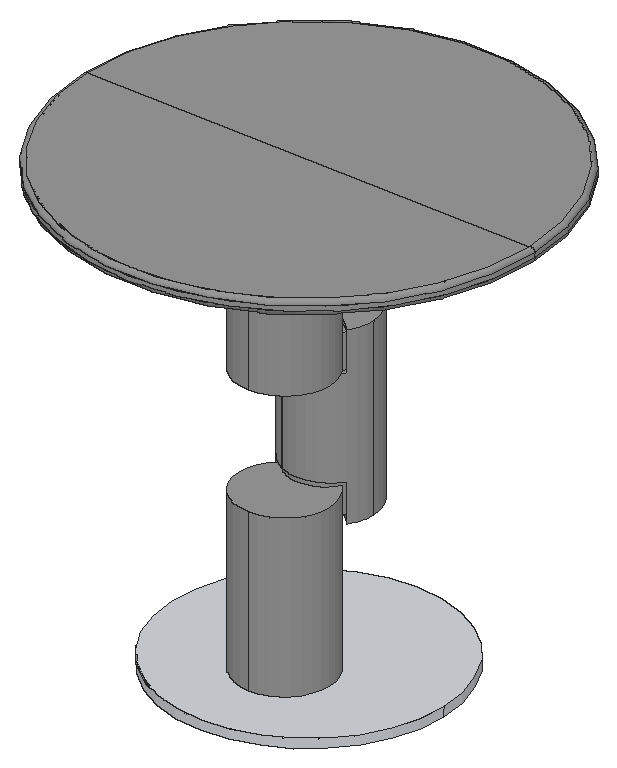
Revit family "MESA DE ENCAIXE Ø50", category Modelos genéricos, Revit 2021
Family settings
  Pode hospedar o vergalhão = Não
  Cota do conector redondo = Utilizar diâmetro
  Tipo de parte = Normal
  Com base no plano de trabalho = Não
  Sempre na vertical = Sim
  Corte com vazios quando carregada = Não
  Compartilhado = Não
  Ponto de cálculo do ambiente = Não
Parameters
  Elevação padrão = 0 m
Reference planes (m)
  plane 1 "Centro (Frente/Trás)": y = 0
  plane 2: z = 0
  plane 3 "Centro (Esquerda/Direita)": x = 0
Forms (m)
  Revolve 1, solid, not visible
    sketch origin (0, 0, 0) x (0, 1, 0) y (0, 0, 1)
      loop
        arc (-0.3, 0) -> (-0.285858, 0.005858) -> (-0.28, 0.02) r 0.02
        line (-0.28, 0.02) -> (-0.28, 0.74)
        arc (-0.28, 0.74) -> (-0.285858, 0.754142) -> (-0.3, 0.76) r 0.02
        line (-0.3, 0.76) -> (-0.3, 0)
      axis (-0.3, 0.76) -> (-0.3, 0)
    angle from 0 to 360
  Extrusion 2, void, not visible
    sketch origin (0, 0, 0) x (0, 1, 0) y (0, 0, 1)
      loop
        arc (-0.3, 0.434641) -> (-0.297457, 0.415322) -> (-0.29, 0.397321) r 0.074641
        line (-0.29, 0.397321) -> (-0.28, 0.38) -> (-0.28, 0.74)
        arc (-0.28, 0.74) -> (-0.285858, 0.754142) -> (-0.3, 0.76) r 0.02
        line (-0.3, 0.76) -> (-0.3, 0.434641)
    from -0.047269 to 0.058165
  Revolve 3, solid, not visible
    sketch origin (-1.53883, -0.911851, 2.36) x (0, -1, 0) y (1, 0, 0)
      loop
        line (-0.22, 0.64383) -> (-0.205, 0.64383)
        arc (-0.205, 0.64383) -> (-0.194393, 0.648223) -> (-0.19, 0.65883) r 0.015
        line (-0.19, 0.65883) -> (-0.19, 2.41883)
        arc (-0.19, 2.41883) -> (-0.194393, 2.429436) -> (-0.205, 2.43383) r 0.015
        line (-0.205, 2.43383) -> (-0.22, 2.43383) -> (-0.22, 0.64383)
      axis (-0.22, 2.43383) -> (-0.22, 0.64383)
    angle from 0 to 360
  Extrusion 4, void, not visible
    sketch origin (-1.53883, -0.911851, 2.36) x (0, -1, 0) y (1, 0, 0)
      loop
        arc (-0.22, 1.193471) -> (-0.217457, 1.174152) -> (-0.21, 1.15615) r 0.074641
        line (-0.21, 1.15615) -> (-0.19, 1.121509) -> (-0.19, 1.509186) -> (-0.19, 1.95615) -> (-0.21, 1.921509)
        arc (-0.21, 1.921509) -> (-0.217457, 1.903507) -> (-0.22, 1.884189) r 0.074641
        line (-0.22, 1.884189) -> (-0.22, 1.591688) -> (-0.22, 1.193471)
    from -0.060166 to 0.058019
  Revolve 5, solid, not visible
    sketch origin (-1.490513, -0.987878, 0.501067) x (0, 0, -1) y (0, 1, 0)
      loop
        arc (-0.22, 0.077878) -> (-0.205858, 0.083736) -> (-0.2, 0.097878) r 0.02
        line (-0.2, 0.097878) -> (-0.2, 1.877878)
        arc (-0.2, 1.877878) -> (-0.205858, 1.89202) -> (-0.22, 1.897878) r 0.02
        line (-0.22, 1.897878) -> (-0.22, 0.077878)
      axis (-0.22, 1.897878) -> (-0.22, 0.077878)
    angle from 0 to 360
  Extrusion 6, void, not visible
    sketch origin (-1.490513, 0.422878, 0.501067) x (0, 0, -1) y (0, 1, 0)
      loop
        line (-0.22, 0.020632) -> (-0.22, -0.866388)
        arc (-0.22, -0.866388) -> (-0.217457, -0.885707) -> (-0.21, -0.903709) r 0.074641
        line (-0.21, -0.903709) -> (-0.198933, -0.922878) -> (-0.198933, 0.077122) -> (-0.21, 0.057952)
        arc (-0.21, 0.057952) -> (-0.217457, 0.039951) -> (-0.22, 0.020632) r 0.074641
    from -0.02 to 0.02
  Revolve 7, solid, not visible
    sketch origin (0.868782, 0.768222, 0.76) x (1, 0, 0) y (0, 0, -1)
      loop
        line (-1.603702, 0) -> (-1.603702, 0.757321)
        arc (-1.603702, 0.757321) -> (-1.623702, 0.757321) -> (-1.633702, 0.74) r 0.02
        line (-1.633702, 0.74) -> (-1.633702, 0.02)
        arc (-1.633702, 0.02) -> (-1.627844, 0.005858) -> (-1.613702, 0) r 0.02
        line (-1.613702, 0) -> (-1.603702, 0)
      axis (-1.603702, 0.757321) -> (-1.603702, 0)
    angle from 0 to 360
  Extrusion 8, void, not visible
    sketch origin (0.888782, 0.768222, 0.76) x (1, 0, 0) y (0, 0, -1)
      loop
        line (-1.623702, 0.434641) -> (-1.623702, 0.785209)
        arc (-1.623702, 0.785209) -> (-1.646125, 0.79309) -> (-1.660248, 0.773973) r 0.02
        line (-1.660248, 0.773973) -> (-1.660248, 0.351342) -> (-1.633702, 0.397321)
        arc (-1.633702, 0.397321) -> (-1.626245, 0.415322) -> (-1.623702, 0.434641) r 0.074641
    from -0.032233 to 0.035
  Revolve 9, solid, not visible
    sketch origin (2.017269, -0.735249, 0.271697) x (0.961262, 0, 0.275637) y (-0.275637, 0, 0.961262)
      loop
        line (-1.098872, 0.678565) -> (-1.275192, 0.063663)
        arc (-1.275192, 0.063663) -> (-1.259983, 0.065396) -> (-1.250454, 0.077376) r 0.02
        line (-1.250454, 0.077376) -> (-1.085159, 0.653827)
        arc (-1.085159, 0.653827) -> (-1.086892, 0.669036) -> (-1.098872, 0.678565) r 0.02
      axis (-1.275192, 0.063663) -> (-1.098872, 0.678565)
    angle from 0 to 360
  Revolve 10, solid, not visible
    sketch origin (0.862472, 0.755646, 0.76) x (1, 0, 0) y (0, 0, -1)
      loop
        line (-1.603702, 0) -> (-1.603702, 0.757321)
        arc (-1.603702, 0.757321) -> (-1.623702, 0.757321) -> (-1.633702, 0.74) r 0.02
        line (-1.633702, 0.74) -> (-1.633702, 0.02)
        arc (-1.633702, 0.02) -> (-1.627844, 0.005858) -> (-1.613702, 0) r 0.02
        line (-1.613702, 0) -> (-1.603702, 0)
      axis (-1.603702, 0.757321) -> (-1.603702, 0)
    angle from 0 to 360
  Extrusion 11, void, not visible
    sketch origin (0.882472, 0.755646, 0.76) x (1, 0, 0) y (0, 0, -1)
      loop
        line (-1.623702, 0.434641) -> (-1.623702, 0.785209)
        arc (-1.623702, 0.785209) -> (-1.646125, 0.79309) -> (-1.660248, 0.773973) r 0.02
        line (-1.660248, 0.773973) -> (-1.660248, 0.351342) -> (-1.633702, 0.397321)
        arc (-1.633702, 0.397321) -> (-1.626245, 0.415322) -> (-1.623702, 0.434641) r 0.074641
    from -0.032233 to 0.035
  Revolve 12, solid, not visible
    sketch origin (0.862472, 0.780797, 0.76) x (1, 0, 0) y (0, 0, -1)
      loop
        line (-1.603702, 0) -> (-1.603702, 0.757321)
        arc (-1.603702, 0.757321) -> (-1.623702, 0.757321) -> (-1.633702, 0.74) r 0.02
        line (-1.633702, 0.74) -> (-1.633702, 0.02)
        arc (-1.633702, 0.02) -> (-1.627844, 0.005858) -> (-1.613702, 0) r 0.02
        line (-1.613702, 0) -> (-1.603702, 0)
      axis (-1.603702, 0.757321) -> (-1.603702, 0)
    angle from 0 to 360
  Extrusion 13, void, not visible
    sketch origin (0.882472, 0.780797, 0.76) x (1, 0, 0) y (0, 0, -1)
      loop
        line (-1.623702, 0.434641) -> (-1.623702, 0.785209)
        arc (-1.623702, 0.785209) -> (-1.646125, 0.79309) -> (-1.660248, 0.773973) r 0.02
        line (-1.660248, 0.773973) -> (-1.660248, 0.351342) -> (-1.633702, 0.397321)
        arc (-1.633702, 0.397321) -> (-1.626245, 0.415322) -> (-1.623702, 0.434641) r 0.074641
    from -0.032233 to 0.035
  Revolve 14, solid, not visible
    sketch origin (-0.862472, -0.755646, 0.76) x (-1, 0, 0) y (0, 0, -1)
      loop
        line (-1.603702, 0) -> (-1.603702, 0.757321)
        arc (-1.603702, 0.757321) -> (-1.623702, 0.757321) -> (-1.633702, 0.74) r 0.02
        line (-1.633702, 0.74) -> (-1.633702, 0.02)
        arc (-1.633702, 0.02) -> (-1.627844, 0.005858) -> (-1.613702, 0) r 0.02
        line (-1.613702, 0) -> (-1.603702, 0)
      axis (-1.603702, 0.757321) -> (-1.603702, 0)
    angle from 0 to 360
  Extrusion 15, void, not visible
    sketch origin (-0.882472, -0.755646, 0.76) x (-1, 0, 0) y (0, 0, -1)
      loop
        line (-1.623702, 0.434641) -> (-1.623702, 0.785209)
        arc (-1.623702, 0.785209) -> (-1.646125, 0.79309) -> (-1.660248, 0.773973) r 0.02
        line (-1.660248, 0.773973) -> (-1.660248, 0.351342) -> (-1.633702, 0.397321)
        arc (-1.633702, 0.397321) -> (-1.626245, 0.415322) -> (-1.623702, 0.434641) r 0.074641
    from -0.032233 to 0.035
  Revolve 16, solid, not visible
    sketch origin (0.967318, 0.862331, 0.76) x (1, 0, 0) y (0, 0, -1)
      loop
        line (-1.603702, 0) -> (-1.603702, 0.757321)
        arc (-1.603702, 0.757321) -> (-1.623702, 0.757321) -> (-1.633702, 0.74) r 0.02
        line (-1.633702, 0.74) -> (-1.633702, 0.02)
        arc (-1.633702, 0.02) -> (-1.627844, 0.005858) -> (-1.613702, 0) r 0.02
        line (-1.613702, 0) -> (-1.603702, 0)
      axis (-1.603702, 0.757321) -> (-1.603702, 0)
    angle from 0 to 360
  Extrusion 17, void, not visible
    sketch origin (0.987318, 0.862331, 0.76) x (1, 0, 0) y (0, 0, -1)
      loop
        line (-1.623702, 0.434641) -> (-1.623702, 0.785209)
        arc (-1.623702, 0.785209) -> (-1.646125, 0.79309) -> (-1.660248, 0.773973) r 0.02
        line (-1.660248, 0.773973) -> (-1.660248, 0.351342) -> (-1.633702, 0.397321)
        arc (-1.633702, 0.397321) -> (-1.626245, 0.415322) -> (-1.623702, 0.434641) r 0.074641
    from -0.032233 to 0.035
  Revolve 18, solid, not visible
    sketch origin (0.223708, 0.435419, -0.974073) x (0, 0, -1) y (0, -1, 0)
      loop
        arc (-1.603702, 0.679829) -> (-1.62138, 0.672507) -> (-1.628702, 0.654829) r 0.025
        line (-1.628702, 0.654829) -> (-1.628702, 0.164833)
        arc (-1.628702, 0.164833) -> (-1.62138, 0.147155) -> (-1.603702, 0.139833) r 0.025
        line (-1.603702, 0.139833) -> (-1.603702, 0.679829)
      axis (-1.603702, 0.139833) -> (-1.603702, 0.679829)
    angle from 0 to 360
  Extrusion 19, void, not visible
    sketch origin (-1.286292, 0.274143, -1.004065) x (0, 0, -1) y (0, -1, 0)
      loop
        arc (-1.634431, 0.659977) -> (-1.636974, 0.679295) -> (-1.644431, 0.697297) r 0.074641
        line (-1.644431, 0.697297) -> (-1.660248, 0.724693) -> (-1.660248, 0.278557) -> (-1.644431, 0.305952)
        arc (-1.644431, 0.305952) -> (-1.636974, 0.323954) -> (-1.634431, 0.343273) r 0.074641
        line (-1.634431, 0.343273) -> (-1.634431, 0.659977)
    from -0.032233 to 0.035
  Revolve 20, solid, not visible
    sketch origin (-0.444833, 1.849925, 0.678358) x (1, 0, 0) y (0, 1, 0)
      loop
        line (0.139833, -1.603702) -> (0.139833, -1.613702)
        arc (0.139833, -1.613702) -> (0.14569, -1.627844) -> (0.159833, -1.633702) r 0.02
        line (0.159833, -1.633702) -> (0.729514, -1.633702)
        arc (0.729514, -1.633702) -> (0.743656, -1.627844) -> (0.749514, -1.613702) r 0.02
        line (0.749514, -1.613702) -> (0.749514, -1.603702) -> (0.139833, -1.603702)
      axis (0.139833, -1.603702) -> (0.749514, -1.603702)
    angle from 0 to 360
  Extrusion 21, void, not visible
    sketch origin (-0.333557, 1.869925, -0.841292) x (1, 0, 0) y (0, 1, 0)
      loop
        line (0.455258, -1.623702) -> (0.211855, -1.623702)
        arc (0.211855, -1.623702) -> (0.192537, -1.626245) -> (0.174535, -1.633702) r 0.074641
        line (0.174535, -1.633702) -> (0.128557, -1.660248) -> (0.538557, -1.660248) -> (0.492578, -1.633702)
        arc (0.492578, -1.633702) -> (0.474576, -1.626245) -> (0.455258, -1.623702) r 0.074641
    from -0.093062 to 0.055153
  Extrusion 22, solid, not visible
    sketch origin (0, 0, 0) x (0, 1, 0) y (0, 0, 1)
      loop
        line (0.275, 0) -> (0.295027, 0) -> (0.262218, 0.626047) -> (0.24219, 0.626047) -> (0.275, 0)
      loop
        line (-0.201916, 0.596047) -> (-0.307015, 0) -> (-0.276553, 0) -> (-0.171454, 0.596047) -> (-0.201916, 0.596047)
    from 0 to 0.03
  Extrusion 23, solid, not visible
    sketch origin (0, 0, 0) x (0, 1, 0) y (0, 0, 1)
      loop
        line (0.24219, 0.626047) -> (0.136194, 0.626047) -> (0.124958, 0.61) -> (-0.204754, 0.61) -> (-0.21281, 0.596047) -> (0.243763, 0.596047) -> (0.24219, 0.626047)
      loop
        line (0.251941, 0.44) -> (-0.198969, 0.44) -> (-0.202495, 0.42) -> (0.252989, 0.42) -> (0.251941, 0.44)
    from 0 to 0.03
  Extrusion 24, solid
    sketch origin (0.848872, 0.260327, 0) x (0, 1, 0) y (-1, 0, 0)
      loop
        circle (-0.260327, 0.848872) r 0.15
    from 0 to 0.01
  Extrusion 25, solid, material ".freijo"
    sketch origin (0.848872, 0.226889, 0.01) x (0, 1, 0) y (-1, 0, 0)
      loop
        circle (-0.260315, 0.848872) r 0.05
    from 0 to 0.177
  Extrusion 26, solid, material ".freijo"
    sketch origin (0.845603, 1.061566, 0.533091) x (0, 1, 0) y (-1, 0, 0)
      loop
        circle (-1.031419, 0.845062) r 0.0475
    from -0.38163 to -0.189522
  Extrusion 27, void
    sketch origin (0.845603, 1.061566, 0.125586) x (-1, 0, 0) y (0, 1, 0)
      loop
        arc (0.884248, -1.058265) -> (0.845062, -1.038453) -> (0.805876, -1.058265) r 0.04866
        arc (0.805876, -1.058265) -> (0.845062, -1.078919) -> (0.884248, -1.058265) r 0.0475
    from -0.218 to -0.175259
  Extrusion 28, void
    sketch origin (0.845603, 1.061566, 0.15146) x (0, 1, 0) y (-1, 0, 0)
      loop
        arc (-1.058265, 0.884248) -> (-1.078919, 0.845062) -> (-1.058265, 0.805876) r 0.0475
        arc (-1.058265, 0.805876) -> (-1.038453, 0.845062) -> (-1.058265, 0.884248) r 0.04866
    from 0 to 0.041567
  Extrusion 29, solid, material ".freijo"
    sketch origin (0.845603, 1.061566, 0.533091) x (0, 1, 0) y (-1, 0, 0)
      loop
        circle (-1.039433, 0.845878) r 0.0375
    from -0.37563 to -0.195522
  Extrusion 30, solid, material ".freijo", not visible
    sketch origin (0.845603, 0.593754, 0.597505) x (0, 1, 0) y (-1, 0, 0)
      loop
        circle (-1.017916, 0.846312) r 0.056877
    from -0.419522 to -0.189522
  Extrusion 31, void, not visible
    sketch origin (0.845603, 0.593754, 0.19) x (-1, 0, 0) y (0, 1, 0)
      loop
        arc (0.892898, -1.050546) -> (0.846312, -1.026375) -> (0.799725, -1.050546) r 0.056981
        arc (0.799725, -1.050546) -> (0.846312, -1.074793) -> (0.892898, -1.050546) r 0.056877
    from -0.218 to -0.167983
  Extrusion 32, void, not visible
    sketch origin (0.845603, 0.593754, 0.177983) x (0, 1, 0) y (-1, 0, 0)
      loop
        arc (-1.050546, 0.892898) -> (-1.074793, 0.846312) -> (-1.050546, 0.799725) r 0.056877
        arc (-1.050546, 0.799725) -> (-1.026375, 0.846312) -> (-1.050546, 0.892898) r 0.056981
    from 0 to 0.050017
  Extrusion 33, solid, material ".freijo", not visible
    sketch origin (0.845603, 0.593754, 0.597505) x (0, 1, 0) y (-1, 0, 0)
      loop
        circle (-1.027505, 0.846523) r 0.045
    from -0.411522 to -0.197522
  Extrusion 34, void, not visible
    sketch origin (0.845603, 0.593754, 0.399983) x (-1, 0, 0) y (0, 1, 0)
      loop
        arc (0.883216, -1.053556) -> (0.846523, -1.034145) -> (0.80983, -1.053556) r 0.044387
        arc (0.80983, -1.053556) -> (0.846523, -1.072505) -> (0.883216, -1.053556) r 0.045
    from 0 to 0.0338
  Extrusion 35, void, not visible
    sketch origin (0.845603, 0.593754, 0.219983) x (-1, 0, 0) y (0, 1, 0)
      loop
        arc (0.883216, -1.053556) -> (0.846523, -1.034145) -> (0.80983, -1.053556) r 0.044387
        arc (0.80983, -1.053556) -> (0.846523, -1.072505) -> (0.883216, -1.053556) r 0.045
    from 0 to 0.0338
  Revolve 36, solid, material ".freijo", not visible
    sketch origin (-0.36, 0.000123, 0) x (-1, 0, 0) y (0, 0, -1)
      loop
        line (-0.36, -0.6) -> (-0.36, -0.585) -> (-0.6525, -0.585)
        arc (-0.6525, -0.585) -> (-0.66, -0.5925) -> (-0.6525, -0.6) r 0.0075
        line (-0.6525, -0.6) -> (-0.36, -0.6)
      axis (-0.36, -0.6) -> (-0.36, -0.585)
    angle from 0 to 360
  Extrusion 37, solid, not visible
    sketch origin (0.848872, 0.260327, 0) x (0, 1, 0) y (-1, 0, 0)
      loop
        circle (-0.260327, 0.848872) r 0.175
    from 0 to 0.01
  Extrusion 38, solid, material ".freijo", not visible
    sketch origin (0.848872, 0.260327, 0.01) x (0, 1, 0) y (-1, 0, 0)
      loop
        circle (-0.260315, 0.848872) r 0.06
    from 0 to 0.21
  Extrusion 39, solid, material ".freijo", not visible
    sketch origin (0.848872, 0.260327, 0.01) x (0, 1, 0) y (-1, 0, 0)
      loop
        circle (-0.260315, 0.848872) r 0.06
    from 0.356183 to 0.575
  Extrusion 40, solid, material ".freijo", not visible
    sketch origin (0.845603, 1.095004, 0.597505) x (0, 1, 0) y (-1, 0, 0)
      loop
        circle (-1.017916, 0.846312) r 0.056877
    from -0.419522 to -0.189522
  Extrusion 41, void, not visible
    sketch origin (0.845603, 1.095004, 0.19) x (-1, 0, 0) y (0, 1, 0)
      loop
        arc (0.892898, -1.050546) -> (0.846312, -1.026375) -> (0.799725, -1.050546) r 0.056981
        arc (0.799725, -1.050546) -> (0.846312, -1.074793) -> (0.892898, -1.050546) r 0.056877
    from -0.218 to -0.167983
  Extrusion 42, void, not visible
    sketch origin (0.845603, 1.095004, 0.177983) x (0, 1, 0) y (-1, 0, 0)
      loop
        arc (-1.050546, 0.892898) -> (-1.074793, 0.846312) -> (-1.050546, 0.799725) r 0.056877
        arc (-1.050546, 0.799725) -> (-1.026375, 0.846312) -> (-1.050546, 0.892898) r 0.056981
    from 0 to 0.050017
  Extrusion 43, solid, material ".freijo", not visible
    sketch origin (0.845603, 1.095004, 0.597505) x (0, 1, 0) y (-1, 0, 0)
      loop
        circle (-1.027505, 0.846523) r 0.045
    from -0.411522 to -0.197522
  Extrusion 44, void, not visible
    sketch origin (0.845603, 1.095004, 0.399983) x (-1, 0, 0) y (0, 1, 0)
      loop
        arc (0.883216, -1.053556) -> (0.846523, -1.034145) -> (0.80983, -1.053556) r 0.044387
        arc (0.80983, -1.053556) -> (0.846523, -1.072505) -> (0.883216, -1.053556) r 0.045
    from 0 to 0.0338
  Extrusion 45, void, not visible
    sketch origin (0.845603, 1.095004, 0.219983) x (-1, 0, 0) y (0, 1, 0)
      loop
        arc (0.883216, -1.053556) -> (0.846523, -1.034145) -> (0.80983, -1.053556) r 0.044387
        arc (0.80983, -1.053556) -> (0.846523, -1.072505) -> (0.883216, -1.053556) r 0.045
    from 0 to 0.042
  Revolve 46, solid, material ".freijo"
    sketch origin (-0.36, 0.000123, -0.1) x (-1, 0, 0) y (0, 0, -1)
      loop
        line (-0.36, -0.6) -> (-0.36, -0.585) -> (-0.605093, -0.585)
        arc (-0.605093, -0.585) -> (-0.608629, -0.586464) -> (-0.610093, -0.59) r 0.005
        line (-0.610093, -0.59) -> (-0.610093, -0.595)
        arc (-0.610093, -0.595) -> (-0.608629, -0.598536) -> (-0.605093, -0.6) r 0.005
        line (-0.605093, -0.6) -> (-0.36, -0.6)
      axis (-0.36, -0.6) -> (-0.36, -0.585)
    angle from 0 to 360
  Extrusion 47, void
    sketch origin (0.845603, 1.061566, 0.337569) x (-1, 0, 0) y (0, 1, 0)
      loop
        arc (0.812858, -1.057207) -> (0.845693, -1.076932) -> (0.878721, -1.057533) r 0.0375
        arc (0.878721, -1.057533) -> (0.845851, -1.044993) -> (0.812858, -1.057207) r 0.05
    from 0 to 0.029569
  Extrusion 48, void
    sketch origin (0.845603, 1.061566, 0.15746) x (0, 1, 0) y (-1, 0, 0)
      loop
        arc (-1.057207, 0.812858) -> (-1.044993, 0.845851) -> (-1.057533, 0.878721) r 0.05
        arc (-1.057533, 0.878721) -> (-1.076932, 0.845693) -> (-1.057207, 0.812858) r 0.0375
    from -0.000207 to 0.029528
  Extrusion 49, solid, material ".freijo"
    sketch origin (0.848872, 0.226889, 0.308) x (0, 1, 0) y (-1, 0, 0)
      loop
        circle (-0.260315, 0.848872) r 0.05
    from 0 to 0.177
Cuts and joins
  Extrusion 27, Extrusion 28 cuts Extrusion 26
  Extrusion 47, Extrusion 48 cuts Extrusion 29
Lines and regions (m)
  model lines, style "InvisibleLines"
    curve 1: line (-0.25, -0.15, 0.597505) -> (-0.25, 0.165, 0.597505)
    curve 2: line (0.250163, -0.15, 0.597505) -> (0.250163, 0.15, 0.597505)
    curve 3: line (-0.15, -0.25, 0.597505) -> (0.145, -0.25, 0.597505)
    curve 4: line (-0.15, 0.25, 0.597505) -> (0.145, 0.25, 0.597505)
    curve 5: line (0, 0.275, 0.597505) -> (0, -0.28, 0.597505)
    curve 6: line (-0.27, 0, 0.597505) -> (0.31, 0, 0.597505)
Dimensions and locks (m)
  Revolve 5 sketch curve to Revolve 5 sketch curve = 1.82 m
  Extrusion 24 to Revolve 46 = 0.5 m
  Extrusion 49 to cut or joined group of Extrusion 26, Extrusion 27, Extrusion 28 to cut or joined group of Extrusion 26, Extrusion 27, Extrusion 28 to Extrusion 24 = 0.141431 m, 0.192109 m, 0.14146 m
  aligned and locked: level to plane 2
